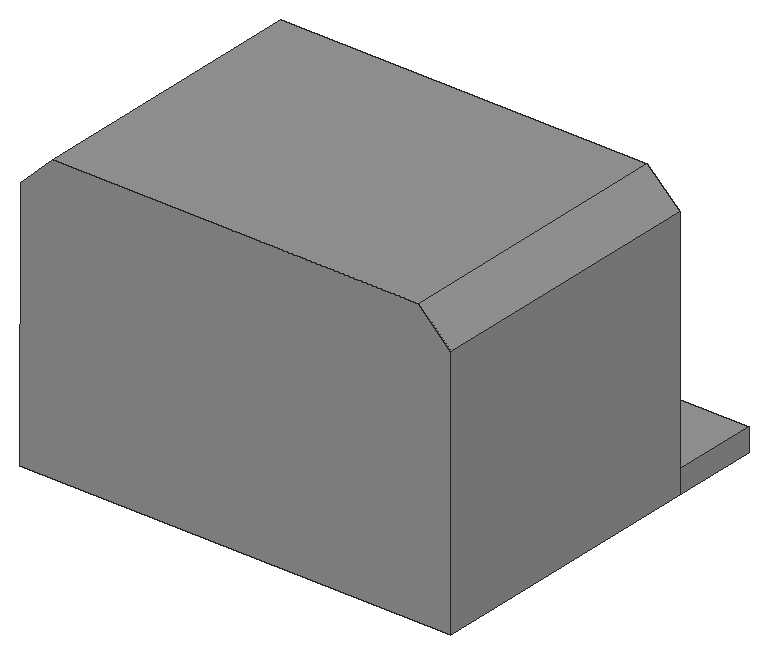
Revit family "Lavatory-Willoughby-1015-HS-20", category Plumbing Fixtures, host Face, Revit 2014
Parameters (values of type "Standard")
  Waste Connection = yes
  Vent Connection = no
  URL = "www.willoughby-ind.com"
  Revision = "A"
  Model = "HS-1015-20"
  Manufacturer = "Willoughby Industries"
  Lav Waste DIA = 1 1/2"
  HW Connection = no
  Fixture Body = Stainless Steel AISI 304-Willoughby
  Description = "Rear Mounted Lavatory"
  Default Elevation = 0' - 0"
  Contact = "800-428-4065"
  CW Connection = no
Reference planes (in)
  plane 1 "Center (Front/Back)": y = 0
  plane 2: z = 0
  plane 3 "Center (Left/Right)": x = 0
  plane 4: x = -10
  plane 5: x = 10
  plane 6 "Sink HGT": y = 34
  plane 7 "Top Of Unit": y = 38
  plane 8 "LAV Drain": y = 25.75
  plane 9 "Bottom Of Unit": y = 20.75
  plane 10: z = 13.25
  plane 11: z = 11.75
  plane 12: x = 7.25
  plane 13: x = -7.25
  plane 14: z = 12
  plane 15: z = 2.5
Forms (in)
  Extrusion 1, solid, material "Stainless Steel AISI 304-Willoughby" <- "Fixture Body"
    sketch origin (0, 20.75, 0) x (-1, 0, 0) y (0, 0, 1)
      loop
        line (-10, 0) -> (10, 0) -> (10, 11.75) -> (8.5, 13.25) -> (-8.5, 13.25) -> (-10, 11.75) -> (-10, 0)
    from 0 to 13.25
  Extrusion 2, solid, material "Stainless Steel AISI 304-Willoughby" <- "Fixture Body"
    sketch origin (0, 0, 0) x (1, 0, 0) y (0, 1, 0)
      loop
        line (-10, 34) -> (10, 34) -> (10, 38) -> (-10, 38) -> (-10, 34)
    from 0 to 1.0625
  Extrusion 3, void
    sketch origin (0, 34, 0) x (-1, 0, 0) y (0, 0, 1)
      loop
        arc (-7.25, 3.25) -> (-7.03033, 2.71967) -> (-6.5, 2.5) r 0.75
        line (-6.5, 2.5) -> (6.5, 2.5)
        arc (6.5, 2.5) -> (7.03033, 2.71967) -> (7.25, 3.25) r 0.75
        line (7.25, 3.25) -> (7.25, 11.25)
        arc (7.25, 11.25) -> (7.03033, 11.78033) -> (6.5, 12) r 0.75
        line (6.5, 12) -> (-6.5, 12)
        arc (-6.5, 12) -> (-7.03033, 11.78033) -> (-7.25, 11.25) r 0.75
        line (-7.25, 11.25) -> (-7.25, 3.25)
    from 0 to -6
  Revolve 4, solid, material "Stainless Steel AISI 304-Willoughby" <- "Fixture Body"
    sketch origin (0, 25.75, 0) x (-1, 0, 0) y (0, 0, 1)
      loop
        line (0, -0.01359) -> (0.75, -0.01359) -> (0.75, 1.0625) -> (0, 1.0625) -> (0, -0.01359)
      axis (0, 1.0625) -> (0, -0.01359)
    angle from 0 to 360
Cuts and joins
  Extrusion 3 cuts Extrusion 1
Lines and regions (in)
  symbolic lines, detail levels medium+fine
    curve 1: line (-10, 38, 0) -> (10, 38, 0)
    curve 2: line (10, 38, 0) -> (10, 34, 0)
    curve 3: line (-10, 38, 0) -> (-10, 34, 0)
    curve 15: line (10, 25.75, 1.0625) -> (-10, 25.75, 1.0625)
    curve 28: line (0, 34, 0) -> (0, 38, 0)
    curve 29: line (0, 38, 0) -> (0, 38, 1.0625)
    curve 30: line (0, 38, 1.0625) -> (0, 34, 1.0625)
  symbolic lines
    curve 4: line (10, 34, 0) -> (10, 20.75, 0)
    curve 5: line (10, 20.75, 0) -> (-10, 20.75, 0)
    curve 6: line (-10, 20.75, 0) -> (-10, 34, 0)
    curve 9: line (10, 25.75, 0) -> (10, 25.75, 11.75)
    curve 10: line (10, 25.75, 11.75) -> (8.5, 25.75, 13.25)
    curve 11: line (8.5, 25.75, 13.25) -> (-8.5, 25.75, 13.25)
    curve 12: line (-8.5, 25.75, 13.25) -> (-10, 25.75, 11.75)
    curve 13: line (-10, 25.75, 11.75) -> (-10, 25.75, 0)
    curve 14: line (-10, 25.75, 0) -> (10, 25.75, 0)
    curve 24: line (0, 34, 0) -> (0, 34, 13.25)
    curve 25: line (0, 34, 13.25) -> (0, 20.75, 13.25)
    curve 26: line (0, 20.75, 13.25) -> (0, 20.75, 0)
    curve 27: line (0, 20.75, 0) -> (0, 34, 0)
    curve 32: line (-10, 34, 0) -> (10, 34, 0)
  symbolic lines, detail levels fine
    curve 7: line (-8.5, 34, 0) -> (-8.5, 20.75, 0)
    curve 8: line (8.5, 34, 0) -> (8.5, 20.75, 0)
    curve 16: line (7.25, 25.75, 3.25) -> (7.25, 25.75, 11.25)
    curve 17: line (6.5, 25.75, 12) -> (-6.5, 25.75, 12)
    curve 18: line (-7.25, 25.75, 11.25) -> (-7.25, 25.75, 3.25)
    curve 19: line (-6.5, 25.75, 2.5) -> (6.5, 25.75, 2.5)
    curve 20: arc (7.25, 25.75, 11.25) -> (7.03033, 25.75, 11.78033) -> (6.5, 25.75, 12) r 0.75
    curve 21: arc (-6.5, 25.75, 12) -> (-7.03033, 25.75, 11.78033) -> (-7.25, 25.75, 11.25) r 0.75
    curve 22: arc (-7.25, 25.75, 3.25) -> (-7.03033, 25.75, 2.71967) -> (-6.5, 25.75, 2.5) r 0.75
    curve 23: arc (6.5, 25.75, 2.5) -> (7.03033, 25.75, 2.71967) -> (7.25, 25.75, 3.25) r 0.75
    curve 31: line (0, 20.75, 11.75) -> (0, 34, 11.75)
Dimensions and locks (in)
  host face to plane 15 = 0' - 2 1/2"
  locked: plane 6 "Sink HGT" to plane 1 "Center (Front/Back)" at 34
  locked: plane 4 to plane 5 at 20
  locked: plane 1 "Center (Front/Back)" to plane 8 "LAV Drain" at 25.75
  locked: plane 8 "LAV Drain" to plane 9 "Bottom Of Unit" at 5
  locked: plane 7 "Top Of Unit" to plane 8 "LAV Drain" at 12.25
  locked: plane 6 "Sink HGT" to plane 9 "Bottom Of Unit" at 13.25
  locked: plane 7 "Top Of Unit" to plane 6 "Sink HGT" at 4
  aligned and locked: plane 2 to host face
  aligned and locked: level to host face
  aligned and locked: Extrusion 2 to plane 5
  aligned and locked: plane 7 "Top Of Unit" to Extrusion 2
  aligned and locked: plane 4 to Extrusion 2
  aligned and locked: Extrusion 2 to plane 6 "Sink HGT"
  aligned and locked: Extrusion 1 to plane 9 "Bottom Of Unit"
  aligned and locked: Extrusion 1 to plane 5
  aligned and locked: plane 4 to Extrusion 1
  aligned and locked: plane 6 "Sink HGT" to Extrusion 1
  aligned and locked: plane 12 to Extrusion 3
  aligned and locked: plane 14 to Extrusion 3
  aligned and locked: Extrusion 3 to plane 13
  aligned and locked: Revolve 4 sketch curve to Revolve 4 sketch curve  (x2)
  aligned and locked: plane 6 "Sink HGT" to Extrusion 3
  aligned and locked: curve 8 to cut or joined group of Extrusion 1, Extrusion 3  (x2)
  aligned and locked: curve 9 to curve 15
  aligned and locked: curve 15 to Extrusion 2
  aligned and locked: curve 32 to Extrusion 2
Connectors (in)
  piping at (0, 25.75, -0.01359), diameter 1.5, driven by "Lav Waste DIA", driven by "Waste Connection"
    settings: on Revolve 4, index 1, connector inside diameter 24", connector length 0' - 0", flow factor 0, pipe flow 0 GPM, pressure drop 0.00 psi, fitting loss kfactor 0, connector angle 0.00°, fixture units 0, engagement length 0' - 0", angle of deflection 0.00°, flow configuration 0, flow direction 2, fitting loss method 0, system type 16, joint type 0, gender type 0, connector reference index -1, connector utility 1, adjustable connector no, is connector primary yes, connector description "Sink Waste"
